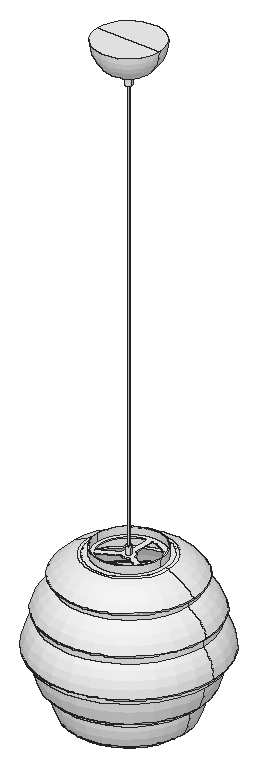
Revit family "Artek_Lighting_Pendant Light A331 “Beehive“_A331 Beehive_quick_ship", category Lighting Fixtures, Revit 2018 (continued)
Definition of nested family "A331"
  Automatic sketch dimensions
    curve 511 to curve 512 = 0 mm
    curve 491 to curve 490 = 0 mm
    curve 510 to curve 511 = 0 mm
    curve 516 to curve 515 = 0 mm
    curve 492 to curve 491 = 0 mm
    curve 517 to curve 516 = 0 mm
    curve 493 to curve 492 = 0 mm
    curve 518 to curve 517 = 0 mm
    curve 494 to curve 493 = 0 mm
    curve 519 to curve 518 = 0 mm
    curve 495 to curve 494 = 0 mm
    curve 520 to curve 519 = 0 mm
    curve 496 to curve 495 = 0 mm
    curve 521 to curve 520 = 0 mm
    curve 497 to curve 496 = 0 mm
    curve 522 to curve 521 = 0 mm
    curve 498 to curve 497 = 0 mm
    curve 477 to curve 477 = 5.973 mm
    curve 499 to curve 498 = 0 mm
    curve 478 to curve 477 = 0 mm
    curve 500 to curve 500 = 5.973 mm
    curve 479 to curve 478 = 0 mm
    curve 501 to curve 500 = 0 mm
    curve 480 to curve 479 = 0 mm
    curve 502 to curve 501 = 0 mm
    curve 503 to curve 502 = 0 mm
    curve 504 to curve 503 = 0 mm
    curve 505 to curve 504 = 0 mm
    curve 485 to curve 485 = 5.973 mm
    curve 506 to curve 505 = 0 mm
    curve 484 to curve 485 = 0 mm
    curve 507 to curve 506 = 0 mm
    curve 483 to curve 484 = 0 mm
    curve 508 to curve 507 = 0 mm
    curve 482 to curve 483 = 0 mm
    curve 509 to curve 510 = 0 mm
    curve 481 to curve 480 = 0 mm
    curve 486 to curve 487 = 0 mm
    curve 35 to curve 438 = 1.018 mm
    curve 437 to curve 438 = 0 mm
    curve 436 to curve 437 = 0 mm
    curve 435 to curve 436 = 0 mm
    curve 434 to curve 435 = 0 mm
    curve 433 to curve 434 = 0 mm
    curve 432 to curve 433 = 0 mm
    curve 49 to curve 476 = 1.018 mm
    curve 84 to curve 452 = 1.018 mm
    curve 475 to curve 476 = 0 mm
    curve 453 to curve 452 = 0 mm
    curve 474 to curve 475 = 0 mm
    curve 454 to curve 453 = 0 mm
    curve 473 to curve 474 = 0 mm
    curve 455 to curve 454 = 0 mm
    curve 472 to curve 473 = 0 mm
    curve 456 to curve 455 = 0 mm
    curve 35 to curve 439 = 1.018 mm
    curve 457 to curve 456 = 0 mm
    curve 85 to curve 470 = 1.018 mm
    curve 458 to curve 457 = 0 mm
    curve 85 to curve 469 = 1.018 mm
    curve 431 to curve 432 = 0 mm
    curve 85 to curve 468 = 1.018 mm
    curve 430 to curve 431 = 0 mm
    curve 467 to curve 468 = 0 mm
    curve 429 to curve 430 = 0 mm
    curve 428 to curve 429 = 0 mm
    curve 466 to curve 467 = 0 mm
    curve 440 to curve 439 = 0 mm  (x2)
    curve 465 to curve 466 = 0 mm
    curve 441 to curve 440 = 0 mm  (x2)
    curve 464 to curve 465 = 0 mm
    curve 442 to curve 441 = 0 mm  (x2)
    curve 463 to curve 464 = 0 mm
    curve 443 to curve 442 = 0 mm  (x2)
    curve 459 to curve 458 = 0 mm
    curve 460 to curve 459 = 0 mm
    curve 461 to curve 460 = 0 mm
    curve 462 to curve 463 = 0 mm
    curve 427 to curve 428 = 0 mm
    curve 426 to curve 427 = 0 mm
    curve 425 to curve 426 = 0 mm
    curve 424 to curve 425 = 0 mm
    curve 423 to curve 424 = 0 mm
    curve 422 to curve 423 = 0 mm
    curve 421 to curve 422 = 0 mm
    curve 420 to curve 421 = 0 mm
    curve 419 to curve 420 = 0 mm
    curve 418 to curve 419 = 0 mm
    curve 34 to curve 417 = 1.018 mm
    curve 451 to curve 452 = 0 mm
    curve 450 to curve 451 = 0 mm
    curve 449 to curve 450 = 0 mm
    curve 448 to curve 449 = 0 mm
    curve 84 to curve 447 = 1.018 mm
    curve 49 to curve 446 = 1.018 mm
    curve 445 to curve 446 = 0 mm
    curve 444 to curve 443 = 0 mm  (x2)
    curve 471 to curve 472 = 0 mm
    curve 449 to curve 449 = 5.973 mm
    curve 418 to curve 418 = 5.973 mm
    curve 419 to curve 418 = 0 mm
    curve 420 to curve 419 = 0 mm
    curve 421 to curve 420 = 0 mm
    curve 422 to curve 421 = 0 mm
    curve 423 to curve 422 = 0 mm
    curve 424 to curve 423 = 0 mm
    curve 425 to curve 424 = 0 mm
    curve 426 to curve 425 = 0 mm
    curve 427 to curve 426 = 0 mm
    curve 428 to curve 427 = 0 mm
    curve 429 to curve 428 = 0 mm
    curve 430 to curve 429 = 0 mm
    curve 431 to curve 430 = 0 mm
    curve 432 to curve 431 = 0 mm
    curve 433 to curve 432 = 0 mm
    curve 434 to curve 433 = 0 mm
    curve 435 to curve 434 = 0 mm
    curve 436 to curve 435 = 0 mm
    curve 437 to curve 436 = 0 mm
    curve 438 to curve 437 = 0 mm
    curve 439 to curve 438 = 0 mm
    curve 462 to curve 462 = 5.973 mm
    curve 461 to curve 462 = 0 mm
    curve 460 to curve 461 = 0 mm
    curve 459 to curve 460 = 0 mm
    curve 445 to curve 444 = 0 mm
    curve 446 to curve 445 = 0 mm
    curve 447 to curve 447 = 5.973 mm
    curve 448 to curve 447 = 0 mm
    curve 417 to curve 418 = 0 mm
    curve 450 to curve 449 = 0 mm
    curve 463 to curve 462 = 0 mm
    curve 464 to curve 463 = 0 mm
    curve 465 to curve 464 = 0 mm
    curve 466 to curve 465 = 0 mm
    curve 451 to curve 450 = 0 mm
    curve 467 to curve 466 = 0 mm
    curve 468 to curve 467 = 0 mm
    curve 469 to curve 468 = 0 mm
    curve 470 to curve 469 = 0 mm
    curve 458 to curve 459 = 0 mm
    curve 471 to curve 470 = 0 mm
    curve 457 to curve 458 = 0 mm
    curve 472 to curve 471 = 0 mm
    curve 456 to curve 457 = 0 mm
    curve 473 to curve 472 = 0 mm
    curve 455 to curve 456 = 0 mm
    curve 474 to curve 473 = 0 mm
    curve 454 to curve 455 = 0 mm
    curve 475 to curve 474 = 0 mm
    curve 453 to curve 454 = 0 mm
    curve 476 to curve 446 = 0 mm
    curve 452 to curve 451 = 0 mm
    curve 356 to curve 25 = 11.45 mm
    curve 358 to curve 356 = 0 mm
    curve 30 to curve 342 = 1.003 mm
    curve 359 to curve 358 = 0 mm
    curve 355 to curve 356 = 0 mm  (x2)
    curve 346 to curve 342 = 0 mm
    curve 354 to curve 355 = 0 mm  (x2)
    curve 361 to curve 359 = 0 mm
    curve 353 to curve 354 = 0 mm  (x2)
    curve 362 to curve 361 = 0 mm
    curve 28 to curve 341 = 1.003 mm
    curve 363 to curve 362 = 0 mm
    curve 368 to curve 30 = 9.498 mm
    curve 364 to curve 363 = 0 mm
    curve 369 to curve 368 = 0 mm  (x2)
    curve 365 to curve 364 = 0 mm
    curve 370 to curve 369 = 0 mm  (x2)
    curve 352 to curve 353 = 0 mm  (x2)
    curve 371 to curve 370 = 0 mm  (x2)
    curve 345 to curve 346 = 0 mm  (x2)
    curve 372 to curve 371 = 0 mm
    curve 351 to curve 352 = 0 mm  (x2)
    curve 373 to curve 372 = 0 mm  (x2)
    curve 366 to curve 365 = 0 mm
    curve 374 to curve 373 = 0 mm  (x2)
    curve 348 to curve 346 = 0 mm
    curve 375 to curve 374 = 0 mm  (x2)
    curve 350 to curve 351 = 0 mm  (x2)
    curve 376 to curve 375 = 0 mm  (x2)
    curve 343 to curve 342 = 0 mm
    curve 377 to curve 376 = 0 mm  (x2)
    curve 349 to curve 348 = 0 mm
    curve 47 to curve 378 = 1.003 mm
    curve 357 to curve 356 = 0 mm
    curve 78 to curve 379 = 1.003 mm
    curve 344 to curve 343 = 0 mm
    curve 80 to curve 380 = 1.003 mm
    curve 347 to curve 346 = 0 mm
    curve 381 to curve 380 = 0 mm  (x2)
    curve 360 to curve 361 = 0 mm  (x2)
    curve 47 to curve 416 = 1.003 mm
    curve 382 to curve 381 = 0 mm  (x2)
    curve 415 to curve 416 = 0 mm
    curve 383 to curve 382 = 0 mm
    curve 414 to curve 415 = 0 mm
    curve 384 to curve 383 = 0 mm
    curve 413 to curve 414 = 0 mm
    curve 385 to curve 384 = 0 mm
    curve 412 to curve 413 = 0 mm
    curve 386 to curve 385 = 0 mm
    curve 411 to curve 412 = 0 mm
    curve 387 to curve 386 = 0 mm
    curve 410 to curve 411 = 0 mm
    curve 388 to curve 387 = 0 mm
    curve 409 to curve 410 = 0 mm
    curve 389 to curve 388 = 0 mm
    curve 408 to curve 409 = 0 mm
    curve 390 to curve 389 = 0 mm
    curve 407 to curve 408 = 0 mm
    curve 391 to curve 390 = 0 mm
    curve 406 to curve 407 = 0 mm
    curve 392 to curve 391 = 0 mm
    curve 405 to curve 406 = 0 mm
    curve 393 to curve 392 = 0 mm
    curve 404 to curve 405 = 0 mm
    curve 394 to curve 393 = 0 mm
    curve 403 to curve 404 = 0 mm
    curve 395 to curve 394 = 0 mm
    curve 402 to curve 403 = 0 mm
    curve 396 to curve 395 = 0 mm
    curve 397 to curve 396 = 0 mm
    curve 367 to curve 366 = 0 mm  (x2)
    curve 401 to curve 402 = 0 mm
    curve 398 to curve 397 = 0 mm
    curve 399 to curve 398 = 0 mm
    curve 400 to curve 399 = 0 mm
    curve 398 to curve 398 = 5.973 mm
    curve 366 to curve 366 = 5.973 mm
    curve 400 to curve 400 = 5.973 mm
    curve 365 to curve 366 = 0 mm
    curve 401 to curve 400 = 0 mm
    curve 364 to curve 365 = 0 mm
    curve 399 to curve 400 = 0 mm
    curve 363 to curve 364 = 0 mm
    curve 362 to curve 363 = 0 mm
    curve 361 to curve 362 = 0 mm
    curve 359 to curve 360 = 0 mm
    curve 402 to curve 401 = 0 mm
    curve 358 to curve 359 = 0 mm
    curve 397 to curve 398 = 0 mm
    curve 357 to curve 358 = 0 mm
    curve 356 to curve 357 = 0 mm
    curve 396 to curve 397 = 0 mm
    curve 403 to curve 402 = 0 mm
    curve 395 to curve 396 = 0 mm
    curve 404 to curve 403 = 0 mm
    curve 394 to curve 395 = 0 mm
    curve 405 to curve 404 = 0 mm
    curve 349 to curve 350 = 0 mm
    curve 393 to curve 394 = 0 mm
    curve 348 to curve 349 = 0 mm
    curve 406 to curve 405 = 0 mm
    curve 347 to curve 348 = 0 mm
    curve 392 to curve 393 = 0 mm
    curve 346 to curve 347 = 0 mm
    curve 407 to curve 406 = 0 mm
    curve 391 to curve 392 = 0 mm
    curve 344 to curve 345 = 0 mm
    curve 408 to curve 407 = 0 mm
    curve 343 to curve 344 = 0 mm
    curve 390 to curve 391 = 0 mm
    curve 342 to curve 343 = 0 mm
    curve 409 to curve 408 = 0 mm
    curve 341 to curve 342 = 0 mm
    curve 389 to curve 390 = 0 mm
    curve 368 to curve 368 = 5.973 mm
    curve 410 to curve 80 = 3.525 mm
    curve 388 to curve 389 = 0 mm
    curve 411 to curve 410 = 0 mm
    curve 387 to curve 388 = 0 mm
    curve 372 to curve 30 = 3.525 mm
    curve 412 to curve 411 = 0 mm
    curve 386 to curve 387 = 0 mm
    curve 413 to curve 412 = 0 mm
    curve 385 to curve 386 = 0 mm
    curve 378 to curve 377 = 0 mm
    curve 414 to curve 413 = 0 mm
    curve 379 to curve 379 = 5.973 mm
    curve 384 to curve 385 = 0 mm
    curve 380 to curve 379 = 0 mm
    curve 415 to curve 414 = 0 mm
    curve 383 to curve 384 = 0 mm
    curve 416 to curve 378 = 0 mm
    curve 73 to curve 306 = 1.071 mm
    curve 45 to curve 333 = 1.071 mm
    curve 45 to curve 301 = 1.071 mm
    curve 334 to curve 333 = 0 mm
    curve 69 to curve 322 = 6.527 mm
    curve 335 to curve 334 = 0 mm
    curve 300 to curve 301 = 0 mm  (x2)
    curve 336 to curve 335 = 0 mm
    curve 302 to curve 301 = 0 mm
    curve 337 to curve 336 = 0 mm
    curve 299 to curve 300 = 0 mm  (x2)
    curve 338 to curve 337 = 0 mm
    curve 321 to curve 322 = 0 mm  (x2)
    curve 313 to curve 306 = 0 mm
    curve 307 to curve 306 = 0 mm
    curve 45 to curve 340 = 1.071 mm
    curve 297 to curve 299 = 0 mm
    curve 320 to curve 321 = 0 mm  (x2)
    curve 296 to curve 297 = 0 mm  (x2)
    curve 311 to curve 313 = 0 mm
    curve 295 to curve 296 = 0 mm  (x2)
    curve 331 to curve 333 = 0 mm
    curve 294 to curve 295 = 0 mm  (x2)
    curve 323 to curve 322 = 0 mm
    curve 293 to curve 294 = 0 mm  (x2)
    curve 45 to curve 305 = 1.071 mm
    curve 292 to curve 293 = 0 mm  (x2)
    curve 319 to curve 320 = 0 mm  (x2)
    curve 291 to curve 292 = 0 mm  (x2)
    curve 308 to curve 307 = 0 mm
    curve 290 to curve 291 = 0 mm  (x2)
    curve 318 to curve 319 = 0 mm  (x2)
    curve 289 to curve 290 = 0 mm  (x2)
    curve 330 to curve 331 = 0 mm  (x2)
    curve 288 to curve 289 = 0 mm  (x2)
    curve 303 to curve 302 = 0 mm
    curve 287 to curve 288 = 0 mm  (x2)
    curve 329 to curve 330 = 0 mm  (x2)
    curve 286 to curve 287 = 0 mm  (x2)
    curve 328 to curve 329 = 0 mm  (x2)
    curve 285 to curve 286 = 0 mm  (x2)
    curve 304 to curve 305 = 0 mm  (x2)
    curve 284 to curve 285 = 0 mm  (x2)
    curve 327 to curve 328 = 0 mm  (x2)
    curve 283 to curve 284 = 0 mm  (x2)
    curve 326 to curve 327 = 0 mm  (x2)
    curve 23 to curve 271 = 1.071 mm
    curve 324 to curve 323 = 0 mm
    curve 282 to curve 283 = 0 mm  (x2)
    curve 317 to curve 318 = 0 mm  (x2)
    curve 281 to curve 282 = 0 mm  (x2)
    curve 325 to curve 324 = 0 mm
    curve 280 to curve 281 = 0 mm  (x2)
    curve 309 to curve 308 = 0 mm
    curve 272 to curve 271 = 0 mm
    curve 316 to curve 317 = 0 mm  (x2)
    curve 279 to curve 280 = 0 mm  (x2)
    curve 332 to curve 331 = 0 mm
    curve 273 to curve 272 = 0 mm
    curve 315 to curve 316 = 0 mm  (x2)
    curve 278 to curve 279 = 0 mm  (x2)
    curve 310 to curve 309 = 0 mm
    curve 277 to curve 278 = 0 mm  (x2)
    curve 314 to curve 313 = 0 mm
    curve 276 to curve 277 = 0 mm  (x2)
    curve 298 to curve 297 = 0 mm
    curve 275 to curve 276 = 0 mm  (x2)
    curve 339 to curve 338 = 0 mm
    curve 312 to curve 311 = 0 mm
    curve 274 to curve 273 = 0 mm
    curve 340 to curve 340 = 5.973 mm
    curve 339 to curve 340 = 0 mm
    curve 338 to curve 339 = 0 mm
    curve 337 to curve 338 = 0 mm
    curve 336 to curve 337 = 0 mm
    curve 335 to curve 336 = 0 mm
    curve 334 to curve 335 = 0 mm
    curve 333 to curve 334 = 0 mm
    curve 332 to curve 333 = 0 mm
    curve 331 to curve 332 = 0 mm
    curve 305 to curve 340 = 0 mm
    curve 325 to curve 326 = 0 mm
    curve 324 to curve 325 = 0 mm
    curve 323 to curve 324 = 0 mm
    curve 322 to curve 323 = 0 mm
    curve 314 to curve 315 = 0 mm
    curve 313 to curve 314 = 0 mm
    curve 312 to curve 313 = 0 mm
    curve 311 to curve 312 = 0 mm
    curve 310 to curve 311 = 0 mm
    curve 309 to curve 310 = 0 mm
    curve 308 to curve 309 = 0 mm
    curve 307 to curve 308 = 0 mm
    curve 306 to curve 307 = 0 mm
    curve 303 to curve 304 = 0 mm
    curve 302 to curve 303 = 0 mm
    curve 301 to curve 302 = 0 mm
    curve 298 to curve 299 = 0 mm
    curve 297 to curve 298 = 0 mm
    curve 274 to curve 275 = 0 mm
    curve 273 to curve 274 = 0 mm
    curve 272 to curve 273 = 0 mm
    curve 271 to curve 272 = 0 mm
    curve 252 to curve 62 = 20.995 mm
    curve 43 to curve 267 = 1.113 mm
    curve 251 to curve 252 = 0 mm
    curve 254 to curve 252 = 0 mm
    curve 259 to curve 254 = 0 mm
    curve 255 to curve 254 = 0 mm
    curve 249 to curve 251 = 0 mm
    curve 256 to curve 255 = 0 mm
    curve 248 to curve 249 = 0 mm
    curve 257 to curve 256 = 0 mm
    curve 247 to curve 248 = 0 mm
    curve 265 to curve 267 = 0 mm
    curve 246 to curve 247 = 0 mm
    curve 260 to curve 259 = 0 mm
    curve 245 to curve 246 = 0 mm
    curve 261 to curve 260 = 0 mm
    curve 244 to curve 245 = 0 mm
    curve 262 to curve 261 = 0 mm
    curve 67 to curve 243 = 1.113 mm
    curve 263 to curve 262 = 0 mm
    curve 43 to curve 242 = 1.113 mm
    curve 268 to curve 267 = 0 mm
    curve 241 to curve 242 = 0 mm
    curve 266 to curve 267 = 0 mm  (x2)
    curve 240 to curve 241 = 0 mm
    curve 269 to curve 268 = 0 mm
    curve 239 to curve 240 = 0 mm
    curve 264 to curve 263 = 0 mm
    curve 238 to curve 239 = 0 mm
    curve 253 to curve 252 = 0 mm  (x2)
    curve 237 to curve 238 = 0 mm
    curve 258 to curve 257 = 0 mm
    curve 236 to curve 237 = 0 mm
    curve 250 to curve 249 = 0 mm  (x2)
    curve 235 to curve 236 = 0 mm
    curve 43 to curve 270 = 1.113 mm
    curve 17 to curve 215 = 1.113 mm
    curve 216 to curve 215 = 0 mm
    curve 233 to curve 235 = 0 mm
    curve 234 to curve 233 = 0 mm  (x2)
    curve 232 to curve 233 = 0 mm
    curve 217 to curve 216 = 0 mm  (x2)
    curve 231 to curve 232 = 0 mm
    curve 218 to curve 217 = 0 mm
    curve 230 to curve 231 = 0 mm
    curve 219 to curve 218 = 0 mm
    curve 229 to curve 230 = 0 mm
    curve 220 to curve 219 = 0 mm
    curve 228 to curve 229 = 0 mm
    curve 221 to curve 220 = 0 mm
    curve 227 to curve 228 = 0 mm
    curve 222 to curve 221 = 0 mm
    curve 226 to curve 227 = 0 mm
    curve 223 to curve 222 = 0 mm
    curve 225 to curve 226 = 0 mm
    curve 224 to curve 223 = 0 mm
    curve 225 to curve 225 = 5.973 mm
    curve 224 to curve 225 = 0 mm
    curve 226 to curve 225 = 0 mm
    curve 223 to curve 224 = 0 mm
    curve 227 to curve 226 = 0 mm
    curve 222 to curve 223 = 0 mm
    curve 228 to curve 227 = 0 mm
    curve 221 to curve 222 = 0 mm
    curve 229 to curve 228 = 0 mm
    curve 220 to curve 221 = 0 mm
    curve 230 to curve 229 = 0 mm
    curve 219 to curve 220 = 0 mm
    curve 231 to curve 230 = 0 mm
    curve 218 to curve 219 = 0 mm
    curve 232 to curve 231 = 0 mm
    curve 233 to curve 232 = 0 mm
    curve 216 to curve 216 = 5.973 mm
    curve 270 to curve 270 = 5.973 mm
    curve 215 to curve 216 = 0 mm
    curve 235 to curve 234 = 0 mm
    curve 236 to curve 235 = 0 mm
    curve 237 to curve 236 = 0 mm
    curve 238 to curve 237 = 0 mm
    curve 269 to curve 270 = 0 mm
    curve 268 to curve 269 = 0 mm
    curve 267 to curve 268 = 0 mm
    curve 239 to curve 238 = 0 mm
    curve 240 to curve 239 = 0 mm
    curve 241 to curve 240 = 0 mm
    curve 242 to curve 241 = 0 mm
    curve 243 to curve 243 = 5.973 mm
    curve 244 to curve 243 = 0 mm
    curve 245 to curve 244 = 0 mm
    curve 246 to curve 245 = 0 mm
    curve 247 to curve 246 = 0 mm
    curve 248 to curve 247 = 0 mm
    curve 249 to curve 248 = 0 mm
    curve 251 to curve 250 = 0 mm
    curve 265 to curve 266 = 0 mm
    curve 264 to curve 265 = 0 mm
    curve 263 to curve 264 = 0 mm
    curve 262 to curve 263 = 0 mm
    curve 261 to curve 262 = 0 mm
    curve 260 to curve 261 = 0 mm
    curve 259 to curve 260 = 0 mm
    curve 258 to curve 259 = 0 mm
    curve 252 to curve 251 = 0 mm
    curve 257 to curve 258 = 0 mm
    curve 256 to curve 257 = 0 mm
    curve 255 to curve 256 = 0 mm
    curve 254 to curve 255 = 0 mm
    curve 10 to curve 524 = 0.597 mm
    curve 526 to curve 524 = 0 mm
    curve 527 to curve 526 = 0 mm
    curve 41 to curve 553 = 0.597 mm
    curve 528 to curve 527 = 0 mm
    plane 4 to curve 533 = 14.442 mm
    curve 532 to curve 533 = 0 mm
    curve 531 to curve 532 = 0 mm
    curve 530 to curve 531 = 0 mm
    curve 525 to curve 524 = 0 mm  (x2)
    curve 534 to curve 533 = 0 mm
    curve 535 to curve 534 = 0 mm
    curve 536 to curve 535 = 0 mm
    curve 537 to curve 536 = 0 mm
    curve 41 to curve 538 = 0.597 mm
    curve 60 to curve 539 = 0.597 mm
    curve 540 to curve 539 = 0 mm
    curve 541 to curve 540 = 0 mm
    curve 542 to curve 541 = 0 mm
    curve 543 to curve 542 = 0 mm
    curve 544 to curve 543 = 0 mm
    curve 545 to curve 544 = 0 mm
    curve 546 to curve 545 = 0 mm
    curve 547 to curve 546 = 0 mm
    curve 548 to curve 547 = 0 mm
    curve 549 to curve 548 = 0 mm
    curve 550 to curve 549 = 0 mm
    curve 551 to curve 550 = 0 mm  (x2)
    curve 552 to curve 551 = 0 mm  (x2)
    curve 529 to curve 528 = 0 mm
    curve 550 to curve 550 = 5.973 mm
    curve 549 to curve 550 = 0 mm
    curve 548 to curve 549 = 0 mm
    curve 547 to curve 548 = 0 mm
    curve 530 to curve 530 = 5.973 mm
    curve 532 to curve 532 = 5.973 mm
    curve 546 to curve 547 = 0 mm
    curve 545 to curve 546 = 0 mm
    curve 544 to curve 545 = 0 mm
    curve 543 to curve 544 = 0 mm
    curve 542 to curve 543 = 0 mm
    curve 541 to curve 542 = 0 mm
    curve 529 to curve 530 = 0 mm
    curve 528 to curve 529 = 0 mm
    curve 540 to curve 541 = 0 mm
    curve 539 to curve 540 = 0 mm
    curve 538 to curve 538 = 5.973 mm
    curve 527 to curve 528 = 0 mm
    curve 537 to curve 538 = 0 mm
    curve 533 to curve 532 = 0 mm
    curve 536 to curve 537 = 0 mm
    curve 526 to curve 527 = 0 mm
    curve 535 to curve 536 = 0 mm
    curve 553 to curve 538 = 0 mm
    curve 524 to curve 524 = 5.973 mm
    curve 534 to curve 535 = 0 mm
    curve 531 to curve 530 = 0 mm
    Revolve 1 sketch curve to plane 5 = 0 mm
    Revolve 1 sketch curve to plane 4 = 0 mm
    Revolve 1 sketch curve to plane 3 "Center (Left/Right)" = 0 mm  (x3)
    Revolve 1 sketch curve to Revolve 1 sketch curve = 0.55 mm
    Revolve 1 sketch curve to Revolve 1 sketch curve = 3.6 mm
    Revolve 1 sketch curve to Revolve 1 sketch curve = 4.1 mm
    Revolve 1 sketch curve to plane 3 "Center (Left/Right)" = 6 mm
    Revolve 1 sketch curve to plane 3 "Center (Left/Right)" = 15.787 mm
    Revolve 1 sketch curve to plane 3 "Center (Left/Right)" = 24.723 mm
    Revolve 1 sketch curve to Revolve 1 sketch curve = 9.001 mm
    Revolve 1 sketch curve to plane 3 "Center (Left/Right)" = 36.508 mm
    Revolve 1 sketch curve to Revolve 1 sketch curve = 13.185 mm
    plane 4 to Revolve 1 sketch curve = 16.5 mm
    Revolve 1 sketch curve to Revolve 1 sketch curve = 48.36 mm
    Revolve 1 sketch curve to Revolve 1 sketch curve = 18.942 mm
    Revolve 1 sketch curve to Revolve 1 sketch curve = 59.45 mm
    Revolve 1 sketch curve to Revolve 1 sketch curve = 28.997 mm
    Revolve 1 sketch curve to Revolve 1 sketch curve = 16.262 mm
    Revolve 1 sketch curve to Revolve 1 sketch curve = 3.827 mm
    Revolve 1 sketch curve to Revolve 1 sketch curve = 37.829 mm
    Revolve 1 sketch curve to Revolve 1 sketch curve = 12.302 mm
    Revolve 1 sketch curve to Revolve 1 sketch curve = 10.429 mm
    Revolve 1 sketch curve to Revolve 1 sketch curve = 32.051 mm
    level to Revolve 1 sketch curve = 11.343 mm
    Revolve 1 sketch curve to Revolve 1 sketch curve = 81.635 mm
    Revolve 1 sketch curve to Revolve 1 sketch curve = 6.7 mm
    Revolve 1 sketch curve to Revolve 1 sketch curve = 9.275 mm
    Revolve 1 sketch curve to Revolve 1 sketch curve = 4.801 mm
    Revolve 1 sketch curve to Revolve 1 sketch curve = 13.521 mm
    Revolve 1 sketch curve to Revolve 1 sketch curve = 15.257 mm
    Revolve 1 sketch curve to Revolve 1 sketch curve = 59.793 mm
    Revolve 1 sketch curve to Revolve 1 sketch curve = 4.2 mm
    Revolve 1 sketch curve to Revolve 1 sketch curve = 8.643 mm
    Revolve 1 sketch curve to Revolve 1 sketch curve = 5 mm
    Revolve 1 sketch curve to Revolve 1 sketch curve = 7.758 mm
    Revolve 1 sketch curve to Revolve 1 sketch curve = 14.424 mm
    level to Revolve 1 sketch curve = 57.502 mm
    Revolve 1 sketch curve to Revolve 1 sketch curve = 0.283 mm
    Revolve 1 sketch curve to Revolve 1 sketch curve = 46.457 mm
    Revolve 1 sketch curve to Revolve 1 sketch curve = 9.45 mm
    Revolve 1 sketch curve to Revolve 1 sketch curve = 47.25 mm
    Revolve 1 sketch curve to Revolve 1 sketch curve = 0.138 mm
    Revolve 1 sketch curve to Revolve 1 sketch curve = 4.729 mm
    Revolve 1 sketch curve to Revolve 1 sketch curve = 6.229 mm
    Revolve 1 sketch curve to Revolve 1 sketch curve = 8.451 mm
    Revolve 1 sketch curve to Revolve 1 sketch curve = 35.477 mm
    Revolve 1 sketch curve to Revolve 1 sketch curve = 11.487 mm
    Revolve 1 sketch curve to Revolve 1 sketch curve = 13.111 mm
    Revolve 1 sketch curve to Revolve 1 sketch curve = 53.549 mm
    Revolve 1 sketch curve to Revolve 1 sketch curve = 13.419 mm
    Revolve 1 sketch curve to Revolve 1 sketch curve = 32.448 mm
    Revolve 1 sketch curve to Revolve 1 sketch curve = 46.581 mm
    Revolve 1 sketch curve to Revolve 1 sketch curve = 13.127 mm
    Revolve 1 sketch curve to Revolve 1 sketch curve = 17.98 mm
    plane 4 to Revolve 1 sketch curve = 15 mm
    Revolve 1 sketch curve to Revolve 1 sketch curve = 1.5 mm
    plane 4 to Revolve 1 sketch curve = 0.617 mm
    Revolve 1 sketch curve to plane 5 = 18 mm
    Revolve 1 sketch curve to Revolve 1 sketch curve = 0 mm  (x6)
    Revolve 1 sketch curve to Revolve 1 sketch curve = 29.2 mm
    Revolve 1 sketch curve to Revolve 1 sketch curve = 7.552 mm
    radius of curve 209 = 62.5 mm
    radius of curve 210 = 125.5 mm
    radius of curve 211 = 150.852 mm
    radius of curve 212 = 165 mm
    radius of Extrusion 3 sketch curve = 62.5 mm
    radius of Extrusion 3 sketch curve = 61.5 mm
    radius of Extrusion 4 sketch curve = 116 mm
    radius of Extrusion 4 sketch curve = 115 mm
    radius of Extrusion 5 sketch curve = 144.5 mm
    radius of Extrusion 5 sketch curve = 143.5 mm
    radius of Extrusion 6 sketch curve = 154 mm
    radius of Extrusion 6 sketch curve = 155 mm
    radius of Extrusion 7 sketch curve = 125.5 mm
    radius of Extrusion 7 sketch curve = 124.5 mm
    radius of Extrusion 8 sketch curve = 94 mm
    radius of Extrusion 8 sketch curve = 95 mm
    radius of Extrusion 9 sketch curve = 2 mm
Types (4, lengths in mm): name | ModelNumber | Model | LightFixtureTertiaryMaterial | LightFixtureSecondaryMaterial | LightFixtureMainMaterial | Color | ArticleNumber
  (no name) | "29100402" | "A331 \"Beehive\", 29100402" | White plastic | Chrome | White Steel | "White" | "29100402"
  A331 "Beehive", 29100401 | "29100401" | "A331 \"Beehive\", 29100401" | White plastic | Brass | White Steel | "White" | "29100401"
  A331 "Beehive", 29100404 | "29100404" | "A331 \"Beehive\", 29100404" | Black plastic | Brass | Black Steel | "Black" | "29100404"
  A331 "Beehive", 29100402 | "29100402" | "A331 \"Beehive\", 29100402" | White plastic | Chrome | White Steel | "White" | "29100402"
